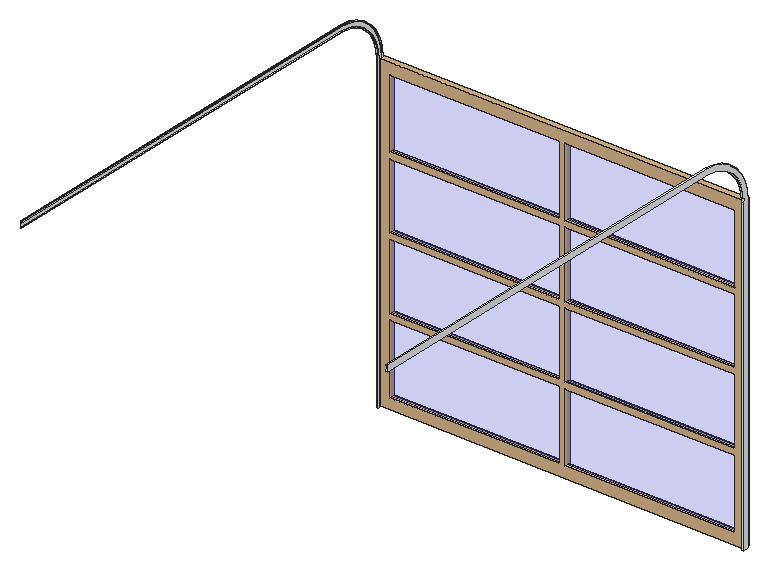
Revit family
Parameters (values of type "7Ft H x 8Ft W")
  Track Width = Width + 0' 2"  # 8' - 2"
  Track Height = Height + 1' 0"  # 8' - 0"
  Track Depth = 10' - 0"
  Track = Metal
  SmartBIM Object Version = 1  # constant formula
  SmartBIM Object Created By = "Reed Construction Data"  # constant formula
  Rough Width = 0' - 0"
  Rough Height = 0' - 0"
  Panel Thickness = 0' - 1 1/2"
  Manufacturer = ""
  Height = 7' - 0"
  Wall Closure = (empty or 0)
  Width = 8' - 0"
  Door Glass = Glass
  Door = Wood
  95 CSI = "08360"  # constant formula
  04 CSI = "08 36 13"  # constant formula
Types (3): name | Track Width | Width
  (no name) | 8' - 2" | 8' - 0"
  7Ft H x 8Ft W | 8' - 2" | 8' - 0"
  7Ft H x 16Ft W | 16' - 2" | 16' - 0"
Reference planes (in)
  plane 1 "Center (Front/Back)": y = 0
  plane 2 "Center (Left/Right)": x = 0
  plane 3 "Left": x = -48
  plane 4 "Right": x = 48
  plane 5 "Top": z = 84
  plane 6: x = -49
  plane 7: x = 49
  plane 8: y = -3.25
  plane 9: z = 81
  plane 10: y = -3.5
  plane 11: y = -3.5
  plane 12 "Ext": y = -4.25
  plane 13: y = -3.5
  plane 14 "Int": y = -2.75
  plane 15: z = 3
  plane 16: y = -3.5
  plane 17: z = 22.5
  plane 18: z = 61.5
  plane 19: z = 42
Forms (in)
  Extrusion 1, solid, material "Wood" <- "Door"
    sketch origin (0, 0, 0) x (1, 0, 0) y (0, 0, 1)
      loop
        line (-49, 84) -> (-49, 0) -> (49, 0) -> (49, 84) -> (-49, 84)
      loop
        line (-46.5, 81) -> (-46.5, 62.25) -> (-0.75, 62.25) -> (-0.75, 81) -> (-46.5, 81)
      loop
        line (0.75, 81) -> (0.75, 62.25) -> (46.5, 62.25) -> (46.5, 81) -> (0.75, 81)
      loop
        line (46.5, 60.75) -> (0.75, 60.75) -> (0.75, 42.75) -> (46.5, 42.75) -> (46.5, 60.75)
      loop
        line (46.5, 41.25) -> (0.75, 41.25) -> (0.75, 23.25) -> (46.5, 23.25) -> (46.5, 41.25)
      loop
        line (-46.5, 42.75) -> (-0.75, 42.75) -> (-0.75, 60.75) -> (-46.5, 60.75) -> (-46.5, 42.75)
      loop
        line (-46.5, 23.25) -> (-0.75, 23.25) -> (-0.75, 41.25) -> (-46.5, 41.25) -> (-46.5, 23.25)
      loop
        line (46.5, 21.75) -> (0.75, 21.75) -> (0.75, 3) -> (46.5, 3) -> (46.5, 21.75)
      loop
        line (-0.75, 3) -> (-0.75, 21.75) -> (-46.5, 21.75) -> (-46.5, 3) -> (-0.75, 3)
    from 2.75 to 4.25
  Extrusion 2, solid, material "Glass" <- "Door Glass"
    sketch origin (0, -4.25, 0) x (1, 0, 0) y (0, 0, 1)
      loop
        line (-46.5, 62.25) -> (-0.75, 62.25) -> (-0.75, 81) -> (-46.5, 81) -> (-46.5, 62.25)
      loop
        line (0.75, 62.25) -> (46.5, 62.25) -> (46.5, 81) -> (0.75, 81) -> (0.75, 62.25)
      loop
        line (46.5, 60.75) -> (0.75, 60.75) -> (0.75, 42.75) -> (46.5, 42.75) -> (46.5, 60.75)
      loop
        line (-0.75, 60.75) -> (-46.5, 60.75) -> (-46.5, 42.75) -> (-0.75, 42.75) -> (-0.75, 60.75)
      loop
        line (-0.75, 41.25) -> (-46.5, 41.25) -> (-46.5, 23.25) -> (-0.75, 23.25) -> (-0.75, 41.25)
      loop
        line (46.5, 41.25) -> (0.75, 41.25) -> (0.75, 23.25) -> (46.5, 23.25) -> (46.5, 41.25)
      loop
        line (46.5, 21.75) -> (0.75, 21.75) -> (0.75, 3) -> (46.5, 3) -> (46.5, 21.75)
      loop
        line (-0.75, 21.75) -> (-46.5, 21.75) -> (-46.5, 3) -> (-0.75, 3) -> (-0.75, 21.75)
    from -1 to -0.5
Lines and regions (in)
  Opening 1
    outline origin (-90, -2.75, 0) x (1, 0, 0) y (0, 0, 1)
      loop
        line (42, 0) -> (138, 0) -> (138, 84) -> (42, 84) -> (42, 0)
Text (in)
  text "Exterior" at (-74.96733, 27.31104, 0), in view "Ref. Level"
  text "Interior" at (-76.69036, -30.31274, 0), in view "Ref. Level"
  text "Exterior" at (0, 40.15149, 123.01588), in view "Right"
  text "Interior" at (0, -64.39139, 123.01588), in view "Right"
  text "Interior" at (0, -31.01599, 123.00693), in view "Left"
  text "Exterior" at (0, 54.57065, 123.00693), in view "Left"
Dimensions and locks (in)
  equal spacing: plane 3 "Left", plane 2 "Center (Left/Right)", plane 4 "Right"
  "Width": plane 3 "Left" to plane 4 "Right"
  locked: plane 6 to plane 3 "Left" at 1
  locked: plane 4 "Right" to plane 7 at 1
  locked: plane 9 to plane 5 "Top" at 3
  plane 2 "Center (Left/Right)" to plane 4 "Right" = 4' - 0"
  plane 2 "Center (Left/Right)" to plane 3 "Left" = 4' - 0"
  host wall to plane 8 to plane 10 = 0' - 0 1/2", 0' - 0 1/4"
  equal spacing: plane 12 "Ext", plane 13, plane 14 "Int"
  "Panel Thickness": plane 14 "Int" to plane 12 "Ext"
  plane 5 "Top" to plane 9 = 0' - 3"
  equal spacing: plane 7, plane 2 "Center (Left/Right)", plane 6
  locked: plane 15 to level at 3
  locked: plane 6 to Extrusion 1 sketch curve at 2.5
  "Height": plane 5 "Top" to level
  equal spacing: Extrusion 2, plane 16, Extrusion 2
  locked: Extrusion 2 to Extrusion 2 at 0.5
  equal spacing: plane 15, plane 17, plane 19, plane 18, plane 9
  aligned and locked: plane 3 "Left" to Opening 1 sketch curve
  aligned and locked: plane 5 "Top" to Opening 1 sketch curve  (x2)
  aligned and locked: Opening 1 sketch curve to plane 4 "Right"
  aligned and locked: Opening 1 sketch curve to level
  aligned and locked: Extrusion 1 sketch curve to plane 6
  aligned and locked: Extrusion 1 sketch curve to plane 7
  aligned and locked: Extrusion 1 sketch curve to level
  aligned and locked: Extrusion 1 sketch curve to host wall
  aligned and locked: plane 10 to plane 11
  aligned and locked: host wall to plane 14 "Int"
  aligned and locked: plane 11 to plane 13
  aligned and locked: plane 12 "Ext" to Extrusion 1
  aligned and locked: Extrusion 1 to host wall
  aligned and locked: Extrusion 1 to Extrusion 2 sketch curve  (x2)
  aligned and locked: Extrusion 2 sketch curve to Extrusion 1  (x30)
  aligned and locked: plane 16 to plane 13
  aligned and locked: plane 15 to Extrusion 1 sketch curve
  aligned and locked: plane 13 to nested 1
  aligned and locked: nested 1 to plane 2 "Center (Left/Right)"
  aligned and locked: nested 1 to plane 13
Automatic sketch dimensions
  Extrusion 1 sketch curve to plane 9 = 0' - 0"  (x2)
  Extrusion 1 sketch curve to plane 19 = 0' - 0 3/4"  (x2)
  Extrusion 1 sketch curve to plane 17 = 0' - 0 3/4"  (x2)
  plane 2 "Center (Left/Right)" to Extrusion 1 sketch curve = 0' - 0 3/4"  (x4)
  plane 4 "Right" to Extrusion 1 sketch curve = 0' - 1 1/2"  (x2)
  Extrusion 1 sketch curve to plane 18 = 0' - 0 3/4"  (x2)
  Extrusion 1 sketch curve to Extrusion 1 sketch curve = 0' - 0"  (x5)
  plane 18 to Extrusion 1 sketch curve = 0' - 0 3/4"  (x2)
  plane 19 to Extrusion 1 sketch curve = 0' - 0 3/4"  (x2)
  Extrusion 1 sketch curve to plane 2 "Center (Left/Right)" = 0' - 0 3/4"  (x4)
  plane 17 to Extrusion 1 sketch curve = 0' - 0 3/4"  (x2)
  Extrusion 1 sketch curve to plane 15 = 0' - 0"
Nested families (in)
  nested 1: "Door Track" at (-0.5, -65, 0), Width <- "Track Width", Height <- "Track Height", Depth <- "Track Depth", type "Door Track"
    with Width 8' - 2", Height 8' - 0", Depth 10' - 0"
Definition of nested family "Door Track"
  Parameters
    Width [instance] = 10' - 0"
    Track = Metal
    Height [instance] = 11' - 0"
    Depth [instance] = 8' - 0"
  Reference planes (in)
    plane 1 "Center (Front/Back)": y = 0
    plane 2: z = 0
    plane 3 "Center (Left/Right)": x = 0.5
    plane 4 "Back": y = 48
    plane 5 "Front": y = -48
    plane 6 "Left": x = -59.5
    plane 7 "Right": x = 60.5
    plane 8 "Top": z = 132
    plane 9 "Center (Up/Down)": z = 66
    plane 10: y = 48.75
    plane 11: y = 49.5
  Forms (in)
    Sweep 1, solid, material "Metal" <- "Track"
      path origin (60.5, 60, 48) x (0, 1, 0) y (0, 0, 1)
        loop
          line (-12, -48) -> (-12, 72)
          arc (-12, 72) -> (-15.51472, 80.48528) -> (-24, 84) r 12
          line (-24, 84) -> (-108, 84)
      profile origin (60.5, -6, 132) x (0, 0, -1) y (1, 0, 0)
        loop
          line (-1.5, 0) -> (-1.375, 0) -> (-1.375, 0.375) -> (-0.125, 0.375) -> (-0.125, 0) -> (0, 0) -> (0, 0.5) -> (-1.5, 0.5) -> (-1.5, 0)
    Sweep 2, solid, material "Metal" <- "Track"
      path origin (-59.5, 60, 48) x (0, 1, 0) y (0, 0, 1)
        loop
          line (-12, -48) -> (-12, 72)
          arc (-12, 72) -> (-15.51472, 80.48528) -> (-24, 84) r 12
          line (-24, 84) -> (-108, 84)
      profile origin (-59.5, -6, 132) x (0, 0, -1) y (1, 0, 0)
        loop
          line (-1.5, 0) -> (-1.5, -0.5) -> (0, -0.5) -> (0, 0) -> (-0.125, 0) -> (-0.125, -0.375) -> (-1.375, -0.375) -> (-1.375, 0) -> (-1.5, 0)
  Dimensions and locks (in)
    equal spacing: plane 6 "Left", plane 3 "Center (Left/Right)", plane 7 "Right"
    "Width": plane 6 "Left" to plane 7 "Right"
    equal spacing: plane 4 "Back", plane 1 "Center (Front/Back)", plane 5 "Front"
    "Depth": plane 4 "Back" to plane 5 "Front"
    "Height": plane 8 "Top" to plane 2
    equal spacing: plane 8 "Top", plane 9 "Center (Up/Down)", level
    locked: Sweep 2 sketch curve to Sweep 2 sketch curve at 0.125  (x3)
    locked: Sweep 2 sketch curve to Sweep 2 sketch curve at 0.5  (x2)
    locked: Sweep 2 sketch curve to Sweep 2 sketch curve at 1.5
    locked: Sweep 1 sketch curve to Sweep 1 sketch curve at 0.5  (x2)
    locked: Sweep 1 sketch curve to Sweep 1 sketch curve at 0.125  (x3)
    locked: Sweep 1 sketch curve to Sweep 1 sketch curve at 1.5
    equal spacing: plane 4 "Back", plane 10, plane 11
    locked: plane 10 to plane 11 at 0.75
    radius of Sweep 1 sketch curve = 1' - 0"
    radius of Sweep 2 sketch curve = 1' - 0"
    aligned and locked: plane 8 "Top" to Sweep 1 sketch curve  (x2)
    aligned and locked: plane 5 "Front" to Sweep 1 sketch curve
    aligned and locked: plane 4 "Back" to Sweep 1 sketch curve
    aligned and locked: plane 4 "Back" to Sweep 2 sketch curve
    aligned and locked: plane 5 "Front" to Sweep 2 sketch curve
    aligned and locked: level to Sweep 2 sketch curve
    aligned and locked: Sweep 2 sketch curve to profile plane  (x2)
    aligned and locked: Sweep 1 sketch curve to profile plane
    aligned and locked: plane 11 to Sweep 1
  Automatic sketch dimensions
    Sweep 1 sketch curve to level = 0' - 0"
    Sweep 2 sketch curve to plane 8 "Top" = 0' - 0"
